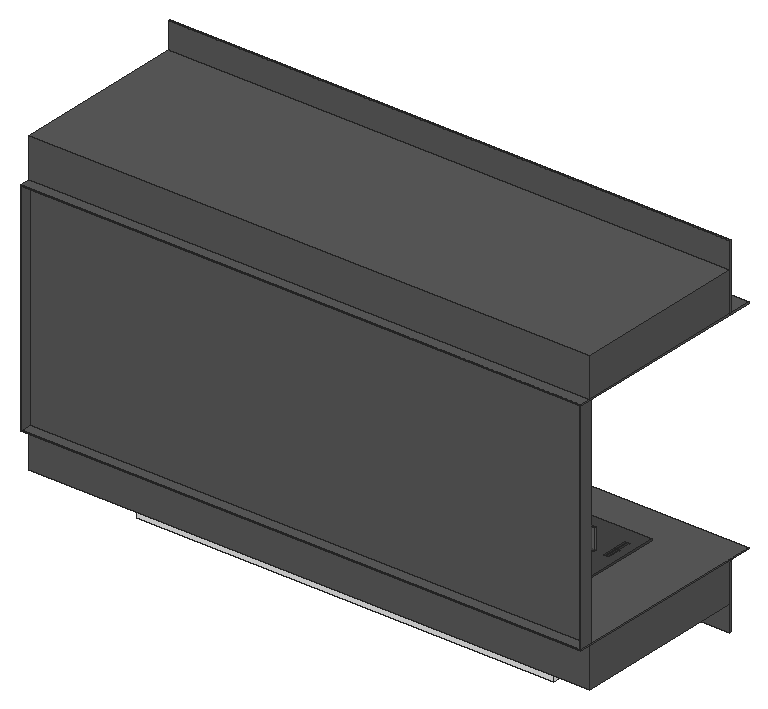
Revit family "1PLANIKA_FLA3_CASING_FORMA_THREE-SIDED", category Attrezzatura meccanica, host Muro, Revit 2017
Family settings
  Host = Muro
  Quota connettore circolare = Usa diametro
  Tipo di parte = Normale
  Sempre verticale = Sì
  Taglio con vuoti quando caricato = No
  Condiviso = No
  Punto di calcolo locali = Sì
Parameters (values of type "FLA3_FORMA_1200_THREE-SIDED")
  URL = "https://www.planikafires.com"
  TECHNICAL SHEET = "https://www.planikausa.com/indoor-ethanol-fireplaces/3-sided/forma-bay/"
  PRODUCT SHEET = "https://www.archiproducts.com/en/products/planika/bioethanol-fireplace-insert-fla-3-in-casing-forma_431075"
  POWER SUPPLY = 230 V
  NET WEIGHT = 78.30 kg
  Modello = "FLA3 in FORMA THREE-SIDED"
  Produttore = "PLANIKA"
  MINIMUM ROOM CUBATURE = 81 m³
  MAXIMUM HEAT OUTPUT = 8.1 kWh
  MAXIMUM BURN TIME = "10 hours"
  MATERIAL DESCRIPTION = "Steel, galvanized steel, toughened glass."
  LENGTH = 1301 mm
  HEIGHT = 710 mm
  FUEL TYPE = "Bioethanol 86 - 96,6%"
  FUEL TANK CAPACITY = 5.5 L
  FORMA LENGTH = 1301 mm
  FLAME HEIGHT REGULATION = "6 stages"
  FLA 3 LENGTH = 990 mm
  FINISHING MATERIAL = Black painted steel -  Planika
  ENVIRONMENTAL PERFORMANCE = "Maximum heat output: 8.1 kWh"
  Descrizione = "One of the greatest advantages of this bio-ethanol fireplace is that thanks to the zero clearance, self-contained construction it gives designers endless arrangements possibilities. FORMA three sided firebox is a perfect fit for both - classy or modern look houses and apartments. Because FORMA three sided firebox doesn’t require chimney or ventilation system, it is a perfect match to any living space, residential or commercial."
  DEPTH = 450 mm
  CASING FINISH = Black powder coated steel - Planika
  BIM USER MANUAL = "https://img.edilportale.com/bim/Planika-manual-Planika-bim.pdf"
  BIM BADGE = "https://bim.archiproducts.com/en/badge/bim-archiproducts-featured_658700/about"
  BIM AUTHOR = "https://bim.archiproducts.com"
  APPLICATION = "For indoor use only"
  AIR CHANGE RATE = "1 space volume per hour"
Types (6, lengths in mm): name | NET WEIGHT | MINIMUM ROOM CUBATURE | MAXIMUM HEAT OUTPUT | MAXIMUM BURN TIME | LENGTH | FUEL TANK CAPACITY | FORMA LENGTH | FLA 3 LENGTH | ENVIRONMENTAL PERFORMANCE
  FLA3_FORMA_1200_THREE-SIDED | 78.30 kg | 81 m³ | 8.1 kWh | "10 hours" | 1301 | 5.5 L | 1301 | 990 | "Maximum heat output: 8.1 kWh"
  FLA3_FORMA_1000_THREE-SIDED | 65.30 kg | 69 m³ | 6.9 kWh | "32 hours" | 1098 | 4.5 L | 1098 | 790 | "Maximum heat output: 6.9 kWh"
  FLA3_FORMA_1500_THREE-SIDED | 95.10 kg | 113 m³ | 11.2 kWh | "10 hours" | 1606 | 8.3 L | 1606 | 1190 | "Maximum heat output: 11.2 kWh"
  FLA3_FORMA_1800_THREE-SIDED | 112.50 kg | 150 m³ | 15 kWh | "10 hours" | 1911 | 10.0 L | 1911 | 1490 | "Maximum heat output: 15 kWh"
  FLA3_FORMA_2300_THREE-SIDED | 157.30 kg | 212 m³ | 21.2 kWh | "10 hours" | 2419 | 12.5 L | 2419 | 1990 | "Maximum heat output: 21.2 kWh"
  FLA3_FORMA_2700_THREE-SIDED | 230.90 kg | 275 m³ | 27.5 kWh | "10 hours" | 2774 | 15.0 L | 2774 | 2490 | "Maximum heat output: 27.5 kWh"
Reference planes
  plane 1 "Wall": y = 0
  plane 2 "Center (Left/Right)": x = 125
  plane 3 "Back": y = 250
  plane 4: x = 775.5
  plane 5: x = -525.5
Forms (mm)
  Extrusion 1, void
    sketch origin (125, 0, 0) x (0, 1, 0) y (0, 0, 1)
      loop
        line (-206, 1898.739) -> (-206, 1390.739) -> (250, 1390.739) -> (250, 1898.739) -> (-206, 1898.739)
    from -650.5 to 650.5
Text (mm)
  text "Placement Side" at (-1848.837, 1116.779, 0), in view "Ref. Level"
  text "Placement side" at (0, 1409.804, 2854.306), in view "Left"
  text "Placement side" at (0, 499.811, 2980.732), in view "Right"
Dimensions and locks
  locked: plane 3 "Back" to host wall
  equal spacing: plane 4, plane 2 "Center (Left/Right)", plane 5
  "FORMA LENGTH": plane 4 to plane 5
  locked: plane 3 "Back" to nested 2 at 228.2
  aligned and locked: plane 1 "Wall" to host wall
  aligned and locked: nested 1 to plane 2 "Center (Left/Right)"
  aligned and locked: nested 2 to plane 2 "Center (Left/Right)"
  aligned and locked: plane 3 "Back" to Extrusion 1 sketch curve
  aligned and locked: nested 1 to plane 3 "Back"
  aligned and locked: Extrusion 1 to plane 5
  aligned and locked: plane 4 to Extrusion 1
  aligned and locked: Extrusion 1 sketch curve to nested 1  (x2)
  aligned and locked: nested 1 to Extrusion 1 sketch curve
Nested families
  nested 1: "CASING_FORMA" at (125, 200, 1644.739) x (-1, 0, 0) z (0, 1, 0), Length <- "FORMA LENGTH", MATERIAL <- "CASING FINISH", type "CASING_FORMA"
    with MATERIAL Black powder coated steel - Planika, Length 1301 mm
  nested 2: "FLA_3" at (125, 21.8, 1213.239) x (-1, 0, 0) z (0, 0, 1), Length <- "FLA 3 LENGTH", Material <- "FINISHING MATERIAL", type "FLA_3"
    with Material Black painted steel -  Planika, Length 990 mm
Connectors
  electrical at (220.704, -1.231, 1213.239), driven by "POWER SUPPLY"
    settings: on nested 2, index 1, voltage 230 V, apparent load 0 VA, apparent load phase1 0 VA, apparent load phase2 0 VA, apparent load phase3 0 VA, power factor 1, load classification "Power", number of poles 1, system type 31, power factor state 1, is connector primary yes, connector utility no, sub classification motor no, connector description ""
Definition of nested family "CASING_FORMA"
  Parameters (values of type "CASING_FORMA")
    Width = 406 mm
    Height = 688 mm
    Length [instance] = 1301 mm
    MATERIAL [instance] = none
    Default Elevation = 1219.2 mm
  Reference planes
    plane 1 "Center (Front/Back)": y = 0
    plane 2: z = 0
    plane 3 "Center (Left/Right)": x = 0
    plane 4: x = -645.5
    plane 5: x = 645.5
    plane 6: y = 344
    plane 7: y = -344
    plane 8: z = -406
    plane 9: x = -650.5
    plane 10: x = 650.5
  Forms (mm)
    Extrusion 1, solid, material <- "MATERIAL", detail levels medium+fine
      sketch origin (0, 0, 0) x (1, 0, 0) y (0, 1, 0)
        loop
          line (-645.5, -254) -> (645.5, -254) -> (645.5, -251.5) -> (-645.5, -251.5) -> (-645.5, -254)
        loop
          line (-645.5, 254) -> (-645.5, 251.5) -> (645.5, 251.5) -> (645.5, 254) -> (-645.5, 254)
      from -431 to 50
    Extrusion 2, solid, material <- "MATERIAL", detail levels fine
      sketch origin (0, 0, 0) x (1, 0, 0) y (0, 1, 0)
        loop
          line (-645.5, 254) -> (645.5, 254) -> (645.5, 404) -> (-645.5, 404) -> (-645.5, 254)
      from -2.5 to 0
    Extrusion 3, solid, material <- "MATERIAL", detail levels fine
      sketch origin (0, 300, 0) x (1, 0, 0) y (0, 1, 0)
        loop
          line (-645.5, -554) -> (-645.5, -704) -> (645.5, -704) -> (645.5, -554) -> (-645.5, -554)
      from -2.5 to 0
    Extrusion 4, solid, material <- "MATERIAL", detail levels medium+fine
      sketch origin (0, 0, 0) x (1, 0, 0) y (0, 1, 0)
        loop
          line (-643, 251.5) -> (-643, -251.5) -> (643, -251.5) -> (643, 251.5) -> (-643, 251.5)
      from -406 to -403.5
    Extrusion 5, solid, material <- "MATERIAL", detail levels medium+fine
      sketch origin (0, 0, 0) x (1, 0, 0) y (0, 0, 1)
        loop
          line (-645.5, -406) -> (645.5, -406) -> (645.5, -2.5) -> (-645.5, -2.5) -> (-645.5, -406)
      from -344 to -254
    Extrusion 6, solid, material <- "MATERIAL", detail levels medium+fine
      sketch origin (10, 0, 0) x (1, 0, 0) y (0, 0, 1)
        loop
          line (-655.5, -406) -> (635.5, -406) -> (635.5, -2.5) -> (-655.5, -2.5) -> (-655.5, -406)
      from 254 to 344
    Extrusion 7, solid, material <- "MATERIAL", detail levels medium+fine
      sketch origin (0, 0, 0) x (1, 0, 0) y (0, 1, 0)
        loop
          line (-645.5, -251.5) -> (-643, -251.5) -> (-643, 251.5) -> (-645.5, 251.5) -> (-645.5, -251.5)
        loop
          line (643, -251.5) -> (645.5, -251.5) -> (645.5, 251.5) -> (643, 251.5) -> (643, -251.5)
      from -403.5 to -431
  Dimensions and locks
    equal spacing: plane 4, plane 3 "Center (Left/Right)", plane 5
    equal spacing: plane 7, plane 1 "Center (Front/Back)", plane 6
    "Height": plane 7 to plane 6
    "Width": plane 2 to plane 8
    locked: Extrusion 1 sketch curve to Extrusion 1 sketch curve at 2.5  (x2)
    Extrusion 2 sketch curve to plane 6 to Extrusion 2 sketch curve = 60 mm locked, 90 mm locked
    Extrusion 3 sketch curve to plane 7 to Extrusion 3 sketch curve = 90 mm locked, 60 mm locked
    locked: Extrusion 3 to Extrusion 3 at 2.5
    locked: Extrusion 2 to Extrusion 2 at 2.5
    locked: Extrusion 1 to plane 2 at 50
    locked: Extrusion 1 to plane 8 at 25
    locked: Extrusion 4 to plane 8 at 2.5
    locked: plane 5 to plane 10 at 5
    locked: plane 9 to plane 4 at 5
    "Length": plane 9 to plane 10
    locked: Extrusion 4 to Extrusion 4 at 2.5
    aligned and locked: level to plane 2
    aligned and locked: Extrusion 1 sketch curve to plane 4
    aligned and locked: Extrusion 1 sketch curve to plane 5
    aligned and locked: Extrusion 1 sketch curve to Extrusion 2
    aligned and locked: plane 2 to Extrusion 2
    aligned and locked: plane 2 to Extrusion 3
    aligned and locked: plane 8 to Extrusion 4
    aligned and locked: Extrusion 5 sketch curve to plane 8
    aligned and locked: plane 5 to Extrusion 5 sketch curve
    aligned and locked: Extrusion 5 sketch curve to plane 4
    aligned and locked: Extrusion 5 to Extrusion 2
    aligned and locked: Extrusion 5 to plane 6
    aligned and locked: plane 7 to Extrusion 6
    aligned and locked: Extrusion 6 to Extrusion 3
    aligned and locked: Extrusion 6 sketch curve to plane 8
    aligned and locked: plane 4 to Extrusion 3 sketch curve
    aligned and locked: plane 5 to Extrusion 3 sketch curve
    aligned and locked: Extrusion 2 sketch curve to plane 4
    aligned and locked: Extrusion 2 sketch curve to plane 5
    aligned and locked: Extrusion 1 to plane 4
    aligned and locked: Extrusion 1 to plane 5
    aligned and locked: Extrusion 4 to Extrusion 7 sketch curve  (x2)
    aligned and locked: Extrusion 7 sketch curve to Extrusion 4  (x2)
    aligned and locked: Extrusion 1 to Extrusion 7
    aligned and locked: Extrusion 7 to Extrusion 4
    aligned and locked: Extrusion 5 sketch curve to Extrusion 3
    aligned and locked: Extrusion 6 to plane 4
    aligned and locked: Extrusion 6 to plane 5
  Automatic sketch dimensions
    Extrusion 1 sketch curve to plane 7 = 92.5 mm
    Extrusion 1 sketch curve to plane 4 = 0 mm
    Extrusion 1 sketch curve to plane 5 = 0 mm
    plane 4 to Extrusion 4 sketch curve = 2.5 mm
    plane 5 to Extrusion 4 sketch curve = 2.5 mm
    Extrusion 6 sketch curve to level = 2.5 mm
    Extrusion 4 sketch curve to plane 7 = 92.5 mm
    plane 6 to Extrusion 4 sketch curve = 92.5 mm
    Extrusion 6 sketch curve to plane 5 = 0 mm
    plane 9 to Extrusion 6 sketch curve = 5 mm
    Extrusion 7 sketch curve to plane 4 = 0 mm
    Extrusion 7 sketch curve to plane 5 = 0 mm
    Extrusion 7 sketch curve to plane 7 = 92.5 mm
    plane 6 to Extrusion 7 sketch curve = 92.5 mm
Definition of nested family "FLA_3"
  Parameters (values of type "FLA_3")
    URL = ""
    Model = ""
    Manufacturer = ""
    Material [instance] = none
    Length [instance] = 990 mm
    Description = ""
    Default Elevation = 1219.2 mm
  Reference planes
    plane 1 "Center (Front/Back)": y = 0
    plane 2: z = 0
    plane 3 "Center (Left/Right)": x = 0
    plane 4: x = -495
    plane 5: x = 495
    plane 6: x = -400
    plane 7: x = 400
    plane 8: x = -447.5
    plane 9: x = 447.5
    plane 10 "Level 1": z = 0
    plane 11: z = 235.862
  Forms (mm)
    Extrusion 1, solid, material <- "Material", detail levels fine
      sketch origin (0, 0, 0) x (0, 1, 0) y (-1, 0, 0)
        loop
          line (-139.982, 495) -> (-139.982, -495) -> (139.98, -495) -> (139.98, 495) -> (-139.982, 495)
        loop
          line (-19.978, 400) -> (-19.978, -400) -> (23.031, -400) -> (23.031, 400) -> (-19.978, 400)
        loop
          line (-72.434, 475) -> (-101.434, 475) -> (-101.434, 470) -> (-72.434, 470) -> (-72.434, 475)
        loop
          line (-72.434, 468) -> (-101.434, 468) -> (-101.434, 463) -> (-72.434, 463) -> (-72.434, 468)
        loop
          line (-41.457, 475) -> (-70.457, 475) -> (-70.457, 470) -> (-41.457, 470) -> (-41.457, 475)
        loop
          line (-41.457, 468) -> (-70.457, 468) -> (-70.457, 463) -> (-41.457, 463) -> (-41.457, 468)
        loop
          line (-70.457, -475) -> (-41.457, -475) -> (-41.457, -470) -> (-70.457, -470) -> (-70.457, -475)
        loop
          line (-70.457, -468) -> (-41.457, -468) -> (-41.457, -463) -> (-70.457, -463) -> (-70.457, -468)
        loop
          line (-101.434, -475) -> (-72.434, -475) -> (-72.434, -470) -> (-101.434, -470) -> (-101.434, -475)
        loop
          line (-101.434, -468) -> (-72.434, -468) -> (-72.434, -463) -> (-101.434, -463) -> (-101.434, -468)
      from 180 to 183
    Extrusion 2, solid, detail levels fine
      sketch origin (0, 0, 0) x (0, 1, 0) y (-1, 0, 0)
        loop
          line (125.097, -480) -> (125.097, 480) -> (-125.1, 480) -> (-125.1, -480) -> (125.097, -480)
        loop
          line (-122.1, -477) -> (122.097, -477) -> (122.097, 477) -> (-122.1, 477) -> (-122.1, -477)
      from 0 to 180
    Extrusion 3, solid, detail levels fine
      sketch origin (-500, 1995.821, 1200) x (0, 1, 0) y (0, 0, 1)
        loop
          arc (-1972.79, -1017) -> (-1977.026, -1018.755) -> (-1978.781, -1022.99) r 5.99
          line (-1978.781, -1022.99) -> (-1978.781, -1040.489) -> (-1976.085, -1040.489) -> (-1976.085, -1022.99)
          arc (-1976.085, -1022.99) -> (-1975.12, -1020.661) -> (-1972.79, -1019.696) r 3.294
          line (-1972.79, -1019.696) -> (-1972.79, -1017)
        loop
          line (-2015.801, -1017) -> (-2015.801, -1019.696)
          arc (-2015.801, -1019.696) -> (-2013.472, -1020.661) -> (-2012.507, -1022.99) r 3.294
          line (-2012.507, -1022.99) -> (-2012.507, -1040.489) -> (-2009.81, -1040.489) -> (-2009.81, -1022.99)
          arc (-2009.81, -1022.99) -> (-2011.565, -1018.755) -> (-2015.801, -1017) r 5.99
      from 100 to 900
    Extrusion 4, solid, detail levels fine
      sketch origin (0, 0, 0) x (0, 1, 0) y (-1, 0, 0)
        loop
          line (122.097, 477) -> (-122.1, 477) -> (-122.1, -477) -> (122.097, -477) -> (122.097, 477)
      from 0 to 3
    Extrusion 5, solid, detail levels fine
      sketch origin (0, 0, 0) x (0, 1, 0) y (-1, 0, 0)
        loop
          circle (-36.96, 0) r 7.5
      from 183 to 202
    Extrusion 6, solid, detail levels fine
      sketch origin (0, 0, 0) x (0, 1, 0) y (-1, 0, 0)
        loop
          circle (-36.96, -250) r 7.5
      from 183 to 202
    Extrusion 7, solid, detail levels fine
      sketch origin (0, 0, 0) x (0, 1, 0) y (-1, 0, 0)
        loop
          circle (-36.96, 250) r 7.5
      from 183 to 202
    Extrusion 8, solid, detail levels fine
      sketch origin (-447.5, 1995.821, 1200) x (0, 1, 0) y (0, 0, 1)
        loop
          line (-2030.396, -964.138) -> (-2035.196, -964.138)
          arc (-2035.196, -964.138) -> (-2035.55, -964.284) -> (-2035.696, -964.638) r 0.5
          line (-2035.696, -964.638) -> (-2035.696, -1013.638)
          arc (-2035.696, -1013.638) -> (-2035.55, -1013.991) -> (-2035.196, -1014.138) r 0.5
          line (-2035.196, -1014.138) -> (-2030.396, -1014.138)
          arc (-2030.396, -1014.138) -> (-2030.043, -1013.991) -> (-2029.896, -1013.638) r 0.5
          line (-2029.896, -1013.638) -> (-2029.896, -964.638)
          arc (-2029.896, -964.638) -> (-2030.043, -964.284) -> (-2030.396, -964.138) r 0.5
      from 0 to 895
    Extrusion 9, solid, detail levels medium
      sketch origin (0, 0, 0) x (0, 1, 0) y (-1, 0, 0)
        loop
          line (-139.982, 495) -> (-139.982, -495) -> (139.98, -495) -> (139.98, 495) -> (-139.982, 495)
      from 0 to 183
    Extrusion 10, solid, detail levels fine
      sketch origin (-447.5, 1994.334, 1200) x (0, 1, 0) y (0, 0, 1)
        loop
          line (-1984.329, -1012.199) -> (-1989.312, -1012.199) -> (-1989.312, -1015.189) -> (-1985.824, -1015.189) -> (-1985.824, -1022.166) -> (-2002.767, -1022.166) -> (-2002.767, -1015.189) -> (-1999.279, -1015.189) -> (-1999.279, -1012.199) -> (-2004.262, -1012.199) -> (-2004.262, -1042.1) -> (-1984.329, -1042.1) -> (-1984.329, -1012.199)
      from 47.5 to 847.5
    Extrusion 11, solid, detail levels fine
      sketch origin (0, 0, 0) x (1, 0, 0) y (0, 1, 0)
        loop
          circle (-95.704, 23.031) r 10
      from 0 to 1
  Dimensions and locks
    equal spacing: plane 4, plane 3 "Center (Left/Right)", plane 5
    "Length": plane 4 to plane 5
    locked: plane 4 to plane 6 at 95
    locked: plane 7 to plane 5 at 95
    equal spacing: plane 4, plane 8, plane 6
    equal spacing: plane 7, plane 9, plane 5
    locked: plane 10 "Level 1" to plane 2
    Extrusion 10 sketch curve to Extrusion 10 sketch curve to Extrusion 10 sketch curve to Extrusion 10 sketch curve = 19.934 mm locked, 6.977 mm locked, 2.99 mm locked
    locked: plane 10 "Level 1" to Extrusion 10 sketch curve at 157.9
    Extrusion 3 sketch curve to Extrusion 3 sketch curve to Extrusion 3 sketch curve to plane 10 "Level 1" = 2.696 mm locked, 20.792 mm locked, 159.511 mm locked
    plane 10 "Level 1" to Extrusion 8 sketch curve to Extrusion 8 sketch curve = 185.862 mm locked, 50 mm locked
    locked: plane 11 to plane 10 "Level 1" at 235.862
    aligned and locked: level to plane 2
    aligned and locked: Extrusion 1 sketch curve to plane 4
    aligned and locked: plane 5 to Extrusion 1 sketch curve
    aligned and locked: Extrusion 3 to plane 6
    aligned and locked: plane 7 to Extrusion 3
    aligned and locked: Extrusion 8 to plane 8
    aligned and locked: plane 9 to Extrusion 8
    aligned and locked: Extrusion 9 sketch curve to Extrusion 1  (x2)
    aligned and locked: Extrusion 10 to Extrusion 1  (x2)
    aligned and locked: Extrusion 1 sketch curve to plane 7
    aligned and locked: plane 4 to nested 1
    aligned and locked: nested 1 to plane 5
    aligned and locked: nested 1 to Extrusion 1  (x2)
    aligned and locked: nested 2 to plane 10 "Level 1"
    aligned and locked: nested 2 to plane 11
    aligned and locked: plane 4 to nested 2
    aligned and locked: plane 5 to nested 2
    aligned and locked: nested 3 to plane 10 "Level 1"
    aligned and locked: nested 3 to plane 11
    aligned and locked: nested 3 to Extrusion 9  (x2)
  Automatic sketch dimensions
    Extrusion 3 sketch curve to Extrusion 3 sketch curve = 0 mm  (x3)
    plane 1 "Center (Front/Back)" to Extrusion 3 sketch curve = 16.685 mm
    Extrusion 3 sketch curve to Extrusion 3 sketch curve = 2.696 mm
    Extrusion 3 sketch curve to Extrusion 3 sketch curve = 3.294 mm
    Extrusion 3 sketch curve to Extrusion 3 sketch curve = 17.498 mm  (x2)
    plane 1 "Center (Front/Back)" to Extrusion 8 sketch curve = 39.875 mm
    Extrusion 8 sketch curve to Extrusion 8 sketch curve = 0.5 mm  (x3)
    Extrusion 8 sketch curve to Extrusion 8 sketch curve = 4.8 mm  (x2)
    Extrusion 3 sketch curve to plane 1 "Center (Front/Back)" = 17.041 mm
    plane 1 "Center (Front/Back)" to Extrusion 10 sketch curve = 9.928 mm
    plane 1 "Center (Front/Back)" to Extrusion 10 sketch curve = 8.433 mm
    plane 1 "Center (Front/Back)" to Extrusion 10 sketch curve = 4.945 mm
    Extrusion 10 sketch curve to plane 1 "Center (Front/Back)" = 5.022 mm
    Extrusion 10 sketch curve to Extrusion 10 sketch curve = 3.488 mm
    Extrusion 10 sketch curve to Extrusion 10 sketch curve = 1.495 mm
    Extrusion 10 sketch curve to Extrusion 10 sketch curve = 6.977 mm
    Extrusion 10 sketch curve to Extrusion 10 sketch curve = 2.99 mm
    plane 1 "Center (Front/Back)" to Extrusion 9 sketch curve = 139.982 mm
    Extrusion 9 sketch curve to plane 1 "Center (Front/Back)" = 139.98 mm
    plane 4 to Extrusion 2 sketch curve = 15 mm
    plane 1 "Center (Front/Back)" to Extrusion 2 sketch curve = 125.1 mm
    Extrusion 2 sketch curve to Extrusion 2 sketch curve = 3 mm  (x4)
    Extrusion 2 sketch curve to plane 5 = 18 mm
    Extrusion 2 sketch curve to plane 1 "Center (Front/Back)" = 122.097 mm
    Extrusion 1 sketch curve to plane 6 = 0 mm
    plane 1 "Center (Front/Back)" to Extrusion 1 sketch curve = 139.982 mm
    Extrusion 1 sketch curve to plane 5 = 20 mm  (x2)
    Extrusion 1 sketch curve to Extrusion 1 sketch curve = 38.548 mm  (x2)
    Extrusion 1 sketch curve to Extrusion 1 sketch curve = 0 mm  (x10)
    Extrusion 1 sketch curve to plane 8 = 15.5 mm
    Extrusion 1 sketch curve to Extrusion 1 sketch curve = 29 mm  (x4)
    Extrusion 1 sketch curve to Extrusion 1 sketch curve = 1.977 mm  (x4)
    plane 1 "Center (Front/Back)" to Extrusion 1 sketch curve = 19.978 mm
    Extrusion 1 sketch curve to plane 1 "Center (Front/Back)" = 23.031 mm
    Extrusion 1 sketch curve to plane 1 "Center (Front/Back)" = 139.98 mm
    Extrusion 1 sketch curve to Extrusion 1 sketch curve = 5 mm  (x7)
    Extrusion 1 sketch curve to Extrusion 1 sketch curve = 2 mm  (x2)
    plane 4 to Extrusion 4 sketch curve = 18 mm
    plane 1 "Center (Front/Back)" to Extrusion 4 sketch curve = 122.1 mm
    Extrusion 4 sketch curve to plane 1 "Center (Front/Back)" = 122.097 mm
    Extrusion 4 sketch curve to plane 5 = 18 mm
    plane 1 "Center (Front/Back)" to Extrusion 7 sketch curve = 36.96 mm
    plane 6 to Extrusion 7 sketch curve = 150 mm
    Extrusion 5 sketch curve to plane 3 "Center (Left/Right)" = 0 mm
    plane 1 "Center (Front/Back)" to Extrusion 5 sketch curve = 36.96 mm
    plane 1 "Center (Front/Back)" to Extrusion 6 sketch curve = 36.96 mm
    Extrusion 6 sketch curve to plane 7 = 150 mm
    Extrusion 11 sketch curve to plane 1 "Center (Front/Back)" = 23.031 mm
    Extrusion 11 sketch curve to plane 3 "Center (Left/Right)" = 95.704 mm
    radius of Extrusion 7 sketch curve = 7.5 mm
    radius of Extrusion 5 sketch curve = 7.5 mm
    radius of Extrusion 6 sketch curve = 7.5 mm
    radius of Extrusion 11 sketch curve = 10 mm
  Nested families
    nested 1: "FIREPLACE_SYMBOL_detail item" at (0, -0.001, 0), WIDTH <- "Length", type "FIREPLACE_SYMBOL_detail item", detail levels coarse
      with WIDTH 990 mm, HEIGHT 279.962 mm
    nested 2: "FIREPLACE_SYMBOL_detail item" at (0, 0, 117.931) x (1, 0, 0) z (0, -1, 0), type "FIREPLACE_SYMBOL_detail item", detail levels coarse
      with WIDTH 990 mm, HEIGHT 235.862 mm
    nested 3: "FIREPLACE_SYMBOL_detail item" at (0, -0.001, 117.931) x (0, 1, 0) z (1, 0, 0), type "FIREPLACE_SYMBOL_detail item", detail levels coarse
      with WIDTH 279.962 mm, HEIGHT 235.862 mm
  Definition of nested family "FIREPLACE_SYMBOL_detail item"
    Parameters (values of type "FIREPLACE_SYMBOL_detail item")
      WIDTH [instance] = 500 mm
      HEIGHT [instance] = 500 mm
    Reference planes
      plane 1 "Center (Front/Back)": y = 0
      plane 2: z = 0
      plane 3 "Center (Left/Right)": x = 0
      plane 4: x = 250
      plane 5: x = -250
      plane 6: y = 250
      plane 7: y = -250
    Lines and regions (mm)
      Filled region 1, type "Concrete", in view "Ref. Level"
        outline origin (-246.617, 90, 0) x (1, 0, 0) y (0, 1, 0)
          loop
            line (-3.383, -340) -> (496.617, -340) -> (496.617, 160) -> (-3.383, -340)
      detail lines, in view "Ref. Level"
        curve 1: line (-250, 250, 0) -> (250, 250, 0)
        curve 2: line (-250, -250, 0) -> (-250, 250, 0)
        curve 3: line (250, -250, 0) -> (-250, -250, 0)
        curve 4: line (250, 250, 0) -> (250, -250, 0)
    Dimensions and locks
      equal spacing: plane 5, plane 3 "Center (Left/Right)", plane 4
      equal spacing: plane 7, plane 1 "Center (Front/Back)", plane 6
      "WIDTH": plane 5 to plane 4
      "HEIGHT": plane 7 to plane 6
      aligned and locked: plane 6 to curve 1
      aligned and locked: plane 5 to curve 2
      aligned and locked: curve 3 to plane 7
      aligned and locked: curve 4 to plane 4
      aligned and locked: plane 6 to Filled region 1 sketch curve
      aligned and locked: plane 5 to Filled region 1 sketch curve
      aligned and locked: Filled region 1 sketch curve to plane 4
      aligned and locked: plane 7 to Filled region 1 sketch curve
